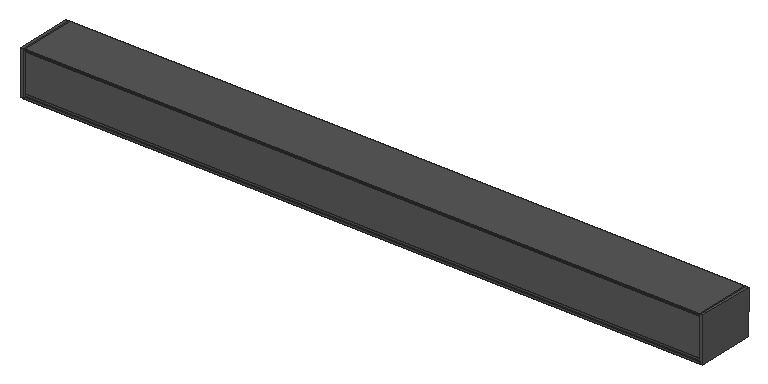
Revit family "EOS3.0-W-D", category Lighting Fixtures, host Face, Revit 2018
Family settings
  Host = Face
  Round Connector Dimension = Use Diameter
  Part Type = Normal
  Cut with Voids When Loaded = No
  Light Source = Yes
  Shared = Yes
  Room Calculation Point = Yes
Parameters (values of type "4' Direct")
  Wattage = 17.6471 W
  built-in parameter 1150110 = 1 (stored number, unit not read)
  Voltage = 0 V
  built-in parameter 1114217 = 1 (stored number, unit not read)
  built-in parameter 1150109 = 1 (stored number, unit not read)
  built-in parameter 1150134 = 12
  Switch Leg Visibility = yes
  Switch Leg [instance] = ""
  built-in parameter 1150113 = 1 (stored number, unit not read)
  Material [instance] = LUX ILLUMINAIRE Black
  built-in parameter 1150105 = 477.46 (stored number, unit not read)
  Lumens = 1500 lm
  built-in parameter 1150115 = 1 (stored number, unit not read)
  Light Source Symbol Size = 2' - 0"
  built-in parameter 1150137 = (empty or 0)
  built-in parameter 1150139 = (empty or 0)
  built-in parameter 1150112 = 1 (stored number, unit not read)
  built-in parameter 1150114 = 1 (stored number, unit not read)
  Lamp = "LED"
  built-in parameter 1150132 = 2
  built-in parameter 1150102 = (empty or 0)
  built-in parameter 1150107 = 4000 (stored number, unit not read)
  built-in parameter 1150138 = (empty or 0)
  built-in parameter 1150106 = 4.7746 (stored number, unit not read)
  Fixture Width = 0' - 3 19/128"  # constant formula
  Fixture Symbol Visiblity = yes
  Fixture Length = 3' - 11.99869"
  Emit from Rectangle Width = Fixture Width - 0' 0 1/4"  # 0' - 2 115/128"
  Emit from Rectangle Length = Fixture Length  # 3' - 11.99869"
  Emit Shape Visible in Rendering = yes
  Emergency Lighting [instance] = no
  built-in parameter 1150104 = 7.8968 (stored number, unit not read)
  Dimming Lamp Color Temperature Shift = <None>
  Default Elevation = 7' - 0"
  Color Filter = 16777215
  built-in parameter 1140040 [instance] = 1
  built-in parameter 1114218 = 1 (stored number, unit not read)
  built-in parameter 1150133 = 10 (stored number, unit not read)
  Apparent Load = 14.6 VA
Types (6): name | Wattage | built-in parameter 1150105 | Lumens | built-in parameter 1150106 | Fixture Length | Emit from Rectangle Length | Apparent Load
  3' Direct | 13.2353 W | 358.1 (stored number, unit not read) | 1125 lm | 3.581 (stored number, unit not read) | 3' - 0" | 3' - 0" | 11 VA
  4' Direct | 17.6471 W | 477.46 (stored number, unit not read) | 1500 lm | 4.7746 (stored number, unit not read) | 3' - 11.99869" | 3' - 11.99869" | 14.6 VA
  5' Direct | 22.0588 W | 596.83 (stored number, unit not read) | 1875 lm | 5.9683 (stored number, unit not read) | 5' - 0" | 5' - 0" | 18.2 VA
  6' Direct | 26.4706 W | 716.2 (stored number, unit not read) | 2250 lm | 7.162 (stored number, unit not read) | 6' - 0" | 6' - 0" | 21.9 VA
  7' Direct | 30.8824 W | 835.56 (stored number, unit not read) | 2625 lm | 8.3556 (stored number, unit not read) | 7' - 0" | 7' - 0" | 25.5 VA
  8' Direct | 35.2941 W | 954.93 (stored number, unit not read) | 3000 lm | 9.5493 (stored number, unit not read) | 8' - 0" | 8' - 0" | 29.2 VA
Reference planes (in)
  plane 1 "Center (Front/Back)": y = 0
  plane 2: z = 0
  plane 3 "Center (Left/Right)": x = 0
  plane 4: x = 23.99935
  plane 5: x = -23.99935
  plane 6: z = 1
  plane 7: x = 24.25261
  plane 8: x = -24.25065
  plane 9: z = 3.14844
Forms (in)
  Extrusion 1, solid, material "LUX ILLUMINAIRE Black" <- "Material"
    sketch origin (0.0005, 24.09501, 2.09434) x (0.000014, 0, 1) y (0, -1, 0)
      loop
        line (-2.094, 20.08053) -> (1.05376, 20.08053) -> (1.05376, 24.09501) -> (0.96877, 24.09501) -> (0.96877, 23.982) -> (0.81678, 23.99997) -> (-1.85745, 23.99997) -> (-2.00901, 23.982) -> (-2.00901, 24.09501) -> (-2.094, 24.09501) -> (-2.094, 20.08053)
    from -23.99982 to 23.99884
  Extrusion 2, solid, material "LUX ILLUMINAIRE Black" <- "Material"
    sketch origin (0.0005, 24.09501, 2.09434) x (0.000014, 0, 1) y (0, -1, 0)
      loop
        line (-2.094, 24.09501) -> (-2.094, 20.08053) -> (1.0541, 20.08053) -> (1.0541, 24.09501) -> (-2.094, 24.09501)
    from 23.99887 to 24.25211
  Extrusion 3, solid, not visible
    sketch origin (0, 0, 0) x (1, 0, 0) y (0, 1, 0)
      loop
        circle (0.00029, -24) r 0.1875
    from 0 to 1
  Extrusion 4, solid, not visible
    sketch origin (0, 0, 0) x (1, 0, 0) y (0, 1, 0)
      loop
        circle (0.0005, -24) r 0.03125
    from 1 to 13.33203
  Extrusion 5, solid, not visible
    sketch origin (0, 0, 0) x (1, 0, 0) y (0, 1, 0)
      loop
        circle (0.0005, -24) r 0.18729
    from 13.33203 to 14.08203
  Extrusion 6, solid, material "LUX ILLUMINAIRE Black" <- "Material"
    sketch origin (-23.9995, 24.09501, 2.09524) x (0.000014, 0, 1) y (0, 1, 0)
      loop
        line (-2.09431, -24.09501) -> (1.0532, -24.09501) -> (1.0532, -20.08053) -> (-2.09431, -20.08053) -> (-2.09431, -24.09501)
    from -0.00015 to 0.25113
Lines and regions (in)
  symbolic lines, visible <- "Fixture Symbol Visiblity"
    curve 1: line (23.99935, 0, 3.14844) -> (-23.99935, 0, 3.14844)
    curve 2: line (23.99935, 0, 0.09334) -> (23.99935, 0, 3.14844)
    curve 3: line (-23.99935, 0, 0.09334) -> (23.99935, 0, 0.09334)
    curve 4: line (-23.99935, 0, 3.14844) -> (-23.99935, 0, 0.09334)
Dimensions and locks (in)
  plane 5 to plane 4 = 3' - 11.99869"
  plane 4 to plane 5 = 3' - 11.99869"
  equal spacing: plane 4, plane 3 "Center (Left/Right)", plane 5
  "Fixture Length": plane 4 to plane 5
  plane 7 to plane 4 = 0' - 0.25327"
  plane 5 to plane 8 = 0' - 0.25131"
  plane 9 to level = 0' - 3 19/128"
  "Fixture Width": level to plane 9
  aligned and locked: plane 2 to host face
  aligned and locked: level to host face
  aligned and locked: plane 7 to Extrusion 2
  aligned and locked: Extrusion 2 to plane 4
  aligned and locked: plane 4 to Extrusion 1
  aligned and locked: Extrusion 6 to plane 8
  aligned and locked: plane 5 to Extrusion 6
  aligned and locked: Extrusion 1 to plane 5
  aligned and locked: plane 5 to curve 4
  aligned and locked: curve 2 to plane 4
  aligned and locked: plane 4 to nested 1
  aligned and locked: nested 1 to plane 5
  aligned and locked: nested 1 to plane 9
  aligned and locked: curve 1 to plane 9
  aligned and locked: Extrusion 6 sketch curve to plane 9
  aligned and locked: Extrusion 2 sketch curve to plane 9
Automatic sketch dimensions
  host sketch curve to host sketch curve = 8' - 0"  (x2)
  level to curve 3 = 0' - 0.09334"
  Extrusion 6 sketch curve to plane 1 "Center (Front/Back)" = 0' - 4.01447"
  Extrusion 6 sketch curve to Extrusion 6 sketch curve = 0' - 3.14751"
  plane 1 "Center (Front/Back)" to Extrusion 6 sketch curve = 0' - 0"
  Extrusion 1 sketch curve to plane 1 "Center (Front/Back)" = 0' - 4.01447"
  Extrusion 1 sketch curve to Extrusion 1 sketch curve = 0' - 0.08499"
  Extrusion 1 sketch curve to Extrusion 1 sketch curve = 0' - 0.15157"
  Extrusion 1 sketch curve to Extrusion 1 sketch curve = 0' - 2.67423"
  Extrusion 1 sketch curve to Extrusion 1 sketch curve = 0' - 0.15199"
  Extrusion 1 sketch curve to plane 1 "Center (Front/Back)" = 0' - 0.113"  (x2)
  Extrusion 1 sketch curve to Extrusion 1 sketch curve = 0' - 0.01797"
  Extrusion 1 sketch curve to Extrusion 1 sketch curve = 0' - 0.113"  (x2)
  Extrusion 1 sketch curve to Extrusion 1 sketch curve = 0' - 3.14776"
  Extrusion 2 sketch curve to plane 1 "Center (Front/Back)" = 0' - 4.01447"
  Extrusion 2 sketch curve to Extrusion 2 sketch curve = 0' - 3.14811"
  plane 1 "Center (Front/Back)" to Extrusion 2 sketch curve = 0' - 0"
  radius of Extrusion 3 sketch curve = 0' - 0 3/16"
  radius of Extrusion 4 sketch curve = 0' - 0 1/32"
  radius of Extrusion 5 sketch curve = 0' - 0.18729"
Nested families (in)
  nested 1: "Emergency Symbol Rectangle" at (0.00065, 0, -9.29849) x (-1, 0, 0) z (0, -1, 0), visible <- "Emergency Lighting", type "Emergency Symbol Rectangle"
    with Width 0' - 9.39386", Length 3' - 11.99869"
Connectors (in)
  electrical at (0.00001, 4.01447, 1.57421), driven by "Apparent Load", driven by "Voltage"
    settings: on Extrusion 1, index 1, voltage 0 V, apparent load 0 VA, apparent load phase1 14.6 VA, apparent load phase2 0 VA, apparent load phase3 0 VA, power factor 1, load classification "Other", number of poles 1, system type 31, power factor state 1, is connector primary yes, connector utility no, sub classification motor no, connector description ""
Definition of nested family "Emergency Symbol Rectangle"
  Parameters (values of type "Emergency Symbol Rectangle")
    Width [instance] = 0' - 8 1/2"
    Length [instance] = 5' - 0"
    Emergency Visibility = no
  Reference planes (in)
    plane 1 "Center (Front/Back)": y = -7.75
    plane 2: z = 0
    plane 3 "Center (Left/Right)": x = -24
    plane 4: x = 24
    plane 5: x = -36
    plane 6: y = -3.5
    plane 7: y = -12
  Lines and regions (in)
    Filled region 1, type "Solid Fill - Black", in view "Ref. Level", detail levels coarse+medium
      outline origin (0, 0.25, 0) x (1, 0, 0) y (0, 1, 0)
        loop
          line (-36, -12.25) -> (24, -12.25) -> (-36, -10.125) -> (-36, -12.25)
  Dimensions and locks (in)
    equal spacing: plane 7, plane 1 "Center (Front/Back)", plane 6
    "Width": plane 7 to plane 6
    "Length": plane 5 to plane 4
    aligned and locked: plane 5 to Filled region 1
  Automatic sketch dimensions
    plane 1 "Center (Front/Back)" to Filled region 1 sketch curve = 0' - 2 1/8"
    Filled region 1 sketch curve to plane 3 "Center (Left/Right)" = 1' - 0"
    Filled region 1 sketch curve to plane 4 = 0' - 0"
    Filled region 1 sketch curve to plane 7 = 0' - 0"
